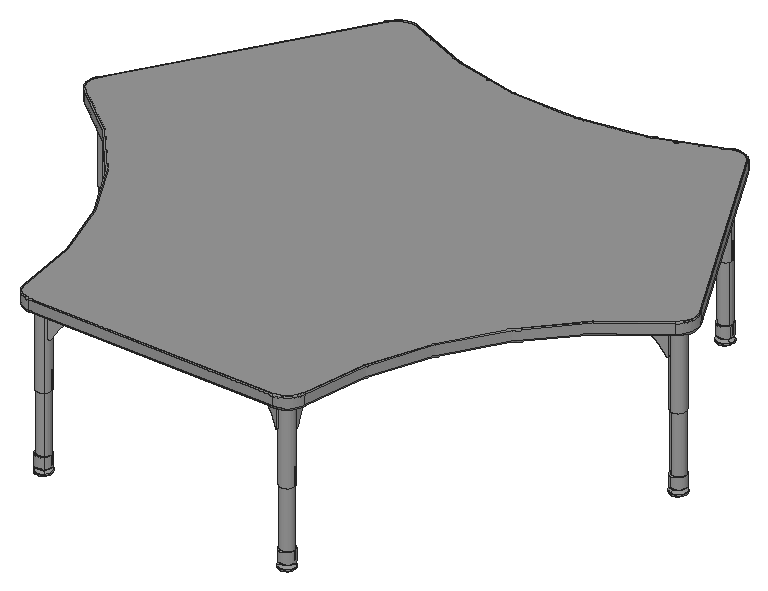
Revit family "Hierarchy Cognitiv Table - Youth Height", category Furniture, Revit 2018
Family settings
  OmniClass Number = 23.40.20.00
  OmniClass Title = General Furniture and Specialties
  Work Plane-Based = No
  Always vertical = Yes
  Cut with Voids When Loaded = No
  Shared = No
  Room Calculation Point = No
Parameters
  Table Height = 1' - 4"
  Surface = Hierarchy Cognitiv Table Youth Surface
  Leg Finish = Hierarchy Leg Platinum
  Grommet = Cognitiv Tabletop : Cognitiv Tabletop
  Edgeband = Hierarchy Cognitiv Table Youth Edgeband
  Caster/Glide = Hierarchy Youth Leg - Glide : Hierarchy Youth Leg - Glide
Reference planes (in)
  plane 1 "Center Front/Back": y = 0
  plane 2: z = 0
  plane 3 "Center Left/Right": x = 0
  plane 4: z = 16
Dimensions and locks (in)
  "Table Height": plane 4 to level
  aligned and locked: level to plane 2
  aligned and locked: nested 1 to plane 4
Nested families (in)
  nested 1: "Cognitiv Tabletop" at (0, 0, -11.80709), type <- "Grommet", type "Cognitiv Tabletop"
  nested 2: "Hierarchy Youth Leg - Glide" at (-17.94172, 21.9583, 0) x (0.9542, 0.2991, 0) z (0, 0, 1), type <- "Caster/Glide", Leg Finish <- "Leg Finish", Leg Height <- "Table Height", type "Hierarchy Youth Leg - Glide"
    with Leg Height 1' - 4", Leg Finish Hierarchy Leg Platinum
  nested 3: "Hierarchy Youth Leg - Glide" at (-30.88405, -0.45849, 0) x (0.2181, -0.9759, 0) z (0, 0, 1), type <- "Caster/Glide", Leg Finish <- "Leg Finish", Leg Height <- "Table Height", type "Hierarchy Youth Leg - Glide"
    with Leg Height 1' - 4", Leg Finish Hierarchy Leg Platinum
  nested 4: "Hierarchy Youth Leg - Glide" at (16.93503, 21.9583, 0) x (-0.9542, 0.2991, 0) z (0, 0, 1), Leg Finish <- "Leg Finish", Leg Height <- "Table Height", type "Hierarchy Youth Leg - Glide"
    with Leg Height 1' - 4", Leg Finish Hierarchy Leg Platinum
  nested 5: "Hierarchy Youth Leg - Glide" at (29.87736, -0.45849, 0) x (-0.2181, -0.9759, 0) z (0, 0, 1), Leg Finish <- "Leg Finish", Leg Height <- "Table Height", type "Hierarchy Youth Leg - Glide"
    with Leg Height 1' - 4", Leg Finish Hierarchy Leg Platinum
  nested 6: "Hierarchy Youth Leg - Glide" at (-13.44875, -30.66795, 0) x (-0.7361, 0.6768, 0) z (0, 0, 1), Leg Finish <- "Leg Finish", Leg Height <- "Table Height", type "Hierarchy Youth Leg - Glide"
    with Leg Height 1' - 4", Leg Finish Hierarchy Leg Platinum
  nested 7: "Hierarchy Youth Leg - Glide" at (12.43592, -30.66795, 0) x (0.7361, 0.6768, 0) z (0, 0, 1), Leg Finish <- "Leg Finish", Leg Height <- "Table Height", type "Hierarchy Youth Leg - Glide"
    with Leg Height 1' - 4", Leg Finish Hierarchy Leg Platinum
Definition of nested family "Cognitiv Tabletop"
  Parameters (values of type "Cognitiv Tabletop")
    Surface = none
    Leg Finish = none
    Edgeband = none
  Reference planes (in)
    plane 1 "Center (Front/Back)": y = 0
    plane 2: z = 0
    plane 3 "Center (Left/Right)": x = 0
  Forms (in)
    Extrusion 1, solid, material <- "Surface"
      sketch origin (-0.21788, -11.29086, 0) x (1, 0, 0) y (0, 1, 0)
        loop
          line (-19.27658, 34.15155) -> (-32.22404, 11.72589)
          arc (-32.22404, 11.72589) -> (-32.4199, 10.373) -> (-31.63022, 9.25717) r 1.8435
          arc (-31.63022, 9.25717) -> (-19.90318, -3.08977) -> (-15.07394, -19.41915) r 36.4061
          arc (-15.07394, -19.41915) -> (-14.50244, -20.66095) -> (-13.23287, -21.16778) r 1.8435
          line (-13.23287, -21.16778) -> (12.65591, -21.16778)
          arc (12.65591, -21.16778) -> (13.92547, -20.66095) -> (14.49697, -19.41915) r 1.8435
          arc (14.49697, -19.41915) -> (19.32621, -3.08977) -> (31.05325, 9.25717) r 36.4061
          arc (31.05325, 9.25717) -> (31.84293, 10.373) -> (31.64707, 11.72589) r 1.8435
          line (31.64707, 11.72589) -> (18.70268, 34.14623)
          arc (18.70268, 34.14623) -> (18.02791, 34.821) -> (17.10616, 35.06799) r 1.8435
          arc (17.10616, 35.06799) -> (16.67796, 35.01758) -> (16.27318, 34.86907) r 1.84351
          arc (16.27318, 34.86907) -> (-0.28546, 30.88389) -> (-16.84477, 34.86633) r 36.4061
          arc (-16.84477, 34.86633) -> (-17.25199, 35.01686) -> (-17.68313, 35.06799) r 1.8435
          arc (-17.68313, 35.06799) -> (-18.60223, 34.82255) -> (-19.27658, 34.15155) r 1.84351
      from 27.80709 to 29.05709
    Sweep 2, solid, material <- "Edgeband"
      path origin (0, 0, 0) x (1, 0, 0) y (0, 1, 0)
        loop
          line (-13.45076, -32.45864) -> (12.43803, -32.45864)
          arc (12.43803, -32.45864) -> (13.70759, -31.95181) -> (14.27909, -30.71001) r 1.8435
          arc (14.27909, -30.71001) -> (19.10833, -14.38063) -> (30.83537, -2.03369) r 36.4061
          arc (30.83537, -2.03369) -> (31.62505, -0.91786) -> (31.42919, 0.43503) r 1.8435
          line (31.42919, 0.43503) -> (18.4848, 22.85537)
          arc (18.4848, 22.85537) -> (17.81003, 23.53014) -> (16.88828, 23.77713) r 1.8435
          arc (16.88828, 23.77713) -> (16.46008, 23.72672) -> (16.05529, 23.57821) r 1.84351
          arc (16.05529, 23.57821) -> (-0.50335, 19.59302) -> (-17.06265, 23.57547) r 36.4061
          arc (-17.06265, 23.57547) -> (-17.46987, 23.726) -> (-17.90101, 23.77713) r 1.8435
          arc (-17.90101, 23.77713) -> (-18.82011, 23.53169) -> (-19.49446, 22.86069) r 1.84351
          line (-19.49446, 22.86069) -> (-32.44192, 0.43503)
          arc (-32.44192, 0.43503) -> (-32.63778, -0.91786) -> (-31.8481, -2.03369) r 1.8435
          arc (-31.8481, -2.03369) -> (-20.12106, -14.38063) -> (-15.29182, -30.71001) r 36.4061
          arc (-15.29182, -30.71001) -> (-14.72032, -31.95181) -> (-13.45076, -32.45864) r 1.8435
      profile origin (-0.50636, -32.45864, 0) x (0, 1, 0) y (0, 0, 1)
        loop
          line (-0.125, 28.93209) -> (-0.125, 27.93209)
          arc (-0.125, 27.93209) -> (-0.08839, 27.8437) -> (0, 27.80709) r 0.125
          line (0, 27.80709) -> (0, 29.05709)
          arc (0, 29.05709) -> (-0.08839, 29.02047) -> (-0.125, 28.93209) r 0.125
    Extrusion 3, solid, material <- "Leg Finish"
      sketch origin (0, 0, 0) x (1, 0, 0) y (0, 1, 0)
        loop
          line (-14.64479, 14.48751) -> (-15.51082, 13.98751) -> (6.11418, -23.46809) -> (6.98021, -22.96809) -> (-14.64479, 14.48751)
      from 26.80709 to 27.80709
  Dimensions and locks (in)
    aligned and locked: plane 2 to level
Definition of nested family "Hierarchy Youth Leg - Glide"
  Parameters (values of type "Hierarchy Youth Leg - Glide")
    Leg Finish [instance] = none
    Leg Height [instance] = 1' - 4.80117"
  Reference planes (in)
    plane 1 "Center (Front/Back)": y = 0
    plane 2: z = 0
    plane 3 "Center (Left/Right)": x = 0
  Forms (in)
    Extrusion 1, solid
      sketch origin (-0.01562, 0, 0) x (1, 0, 0) y (0, 1, 0)
        loop
          circle (0.01563, 0) r 0.67016
      from 0.67618 to 10.55018
    Revolve 2, solid
      sketch origin (0, 0, 0) x (1, 0, 0) y (0, 0, 1)
        loop
          line (-0.73189, 1.80118) -> (-0.79439, 1.73867) -> (-0.79439, 0.61381) -> (-0.73176, 0.55118) -> (-0.125, 0.55118) -> (-0.125, 0.42618) -> (-0.84656, 0.16241) -> (-0.84656, 0.08994) -> (-0.81359, 0) -> (0, 0) -> (0, 1.80118) -> (-0.73189, 1.80118)
        axis (0, 1.80118) -> (0, 0)
      angle from 0 to 360
  Dimensions and locks (in)
    "Leg Height": nested 1 to level  (x2)
    aligned and locked: plane 2 to level
  Automatic sketch dimensions
    plane 1 "Center (Front/Back)" to Extrusion 1 sketch curve = 0' - 0"
    Extrusion 1 sketch curve to plane 3 "Center (Left/Right)" = 0' - 0"
    Revolve 2 sketch curve to level = 0' - 0"
    Revolve 2 sketch curve to plane 3 "Center (Left/Right)" = 0' - 0"  (x2)
    Revolve 2 sketch curve to plane 3 "Center (Left/Right)" = 0' - 0 1/8"
    Revolve 2 sketch curve to Revolve 2 sketch curve = 0' - 0.60676"
    Revolve 2 sketch curve to Revolve 2 sketch curve = 0' - 0.73189"
    Revolve 2 sketch curve to Revolve 2 sketch curve = 0' - 0.06263"  (x2)
    Revolve 2 sketch curve to Revolve 2 sketch curve = 0' - 0.08183"
    Revolve 2 sketch curve to Revolve 2 sketch curve = 0' - 0.03297"
    level to Revolve 2 sketch curve = 0' - 0.08994"
    Revolve 2 sketch curve to Revolve 2 sketch curve = 0' - 0.07247"
    level to Revolve 2 sketch curve = 0' - 0.42618"
    Revolve 2 sketch curve to Revolve 2 sketch curve = 0' - 0 1/8"
    Revolve 2 sketch curve to Revolve 2 sketch curve = 0' - 1.12486"
    Revolve 2 sketch curve to Revolve 2 sketch curve = 0' - 0 1/16"
    Revolve 2 sketch curve to level = 2' - 0"
    Revolve 2 sketch curve to Revolve 2 sketch curve = 8' - 4.91764"
    radius of Extrusion 1 sketch curve = 0' - 0.67016"
  Nested families (in)
    nested 1: "Hierarchy Youth Upper Leg 2023" at (0, 0, 0), Leg Finish <- "Leg Finish", type "Hierarchy Youth Upper Leg 2023"
      with Leg Finish none
  Definition of nested family "Hierarchy Youth Upper Leg 2023"
    Parameters (values of type "Hierarchy Youth Upper Leg 2023")
      Leg Finish [instance] = none
    Reference planes (in)
      plane 1 "Center (Front/Back)": y = 0
      plane 2: z = 0
      plane 3 "Center (Left/Right)": x = 0
    Forms (in)
      Extrusion 1, solid, material <- "Leg Finish"
        sketch origin (0, 0, -11.001) x (1, 0, 0) y (0, 1, 0)
          loop
            circle (0, 0) r 0.75
        from 19.67618 to 27.67618
      Extrusion 2, solid, material <- "Leg Finish"
        sketch origin (0, 0, -11.001) x (1, 0, 0) y (0, 1, 0)
          loop
            line (-1.70174, 0.19183) -> (-2.88626, -2.26116)
            arc (-2.88626, -2.26116) -> (-2.83993, -3.09822) -> (-2.1063, -3.50394) r 0.86614
            line (-2.1063, -3.50394) -> (2.1063, -3.50394)
            arc (2.1063, -3.50394) -> (2.83993, -3.09822) -> (2.88626, -2.26116) r 0.86614
            line (2.88626, -2.26116) -> (1.70174, 0.19183)
            arc (1.70174, 0.19183) -> (0, 1.25984) -> (-1.70174, 0.19183) r 1.88976
        from 27.67618 to 27.80217
      Extrusion 3, solid, material <- "Leg Finish"
        sketch origin (-1.48519, 8.66524, -11.001) x (-0.434844, 0.900506, 0) y (0, 0, 1)
          loop
            line (-9.01425, 27.67618) -> (-11.80952, 27.67618)
            arc (-11.80952, 27.67618) -> (-11.92325, 27.58993) -> (-11.87088, 27.45715) r 0.11811
            arc (-11.87088, 27.45715) -> (-10.39364, 26.29679) -> (-9.23328, 24.81955) r 7.87402
            arc (-9.23328, 24.81955) -> (-9.1005, 24.76717) -> (-9.01425, 24.88091) r 0.11811
            line (-9.01425, 24.88091) -> (-9.01425, 27.67618)
        from -1.94075 to -1.81476
      Extrusion 4, solid, material <- "Leg Finish"
        sketch origin (1.48519, 8.66524, -11.001) x (0.434844, 0.900506, 0) y (0, 0, -1)
          loop
            line (-9.01425, -27.67618) -> (-9.01425, -24.88091)
            arc (-9.01425, -24.88091) -> (-9.1005, -24.76717) -> (-9.23328, -24.81955) r 0.11811
            arc (-9.23328, -24.81955) -> (-10.39364, -26.29679) -> (-11.87088, -27.45715) r 7.87402
            arc (-11.87088, -27.45715) -> (-11.92325, -27.58993) -> (-11.80952, -27.67618) r 0.11811
            line (-11.80952, -27.67618) -> (-9.01425, -27.67618)
        from -1.94075 to -1.81476
    Dimensions and locks (in)
      aligned and locked: plane 2 to level
